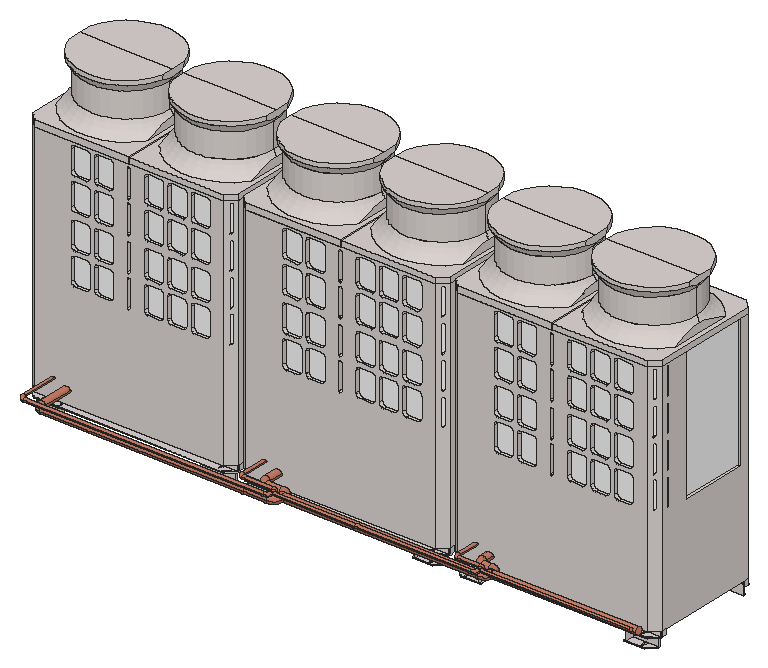
Revit family "PUHY-EP1150YSNW-A1", category 機械設備, Revit 2016 (continued)
Definition of nested family "PUHY-EP400YNW-A1"
  Dimensions and locks
    Extrusion 19 sketch curve to Extrusion 19 sketch curve = 170.800 mm
    Extrusion 20 sketch curve to Extrusion 20 sketch curve = 116.800 mm
    Extrusion 20 sketch curve to Extrusion 20 sketch curve = 170.800 mm
    Extrusion 21 sketch curve to Extrusion 21 sketch curve = 116.800 mm
    Extrusion 21 sketch curve to Extrusion 21 sketch curve = 170.800 mm
    plane 3 "Center (Left/Right)" to cut or joined group 1 (Extrusion 1, Extrusion 2, Extrusion 3, Extrusion 4, Extrusion 5, Extrusion 6, Extrusion 7, Extrusion 8, Extrusion 9, Extrusion 10, Extrusion 11, Extrusion 12, Extrusion 13, Extrusion 14, Extrusion 15, Extrusion 16, Extrusion 17, Extrusion 18, Extrusion 19, Extrusion 20, Extrusion 21, Extrusion 22, Extrusion 23, Extrusion 24, Extrusion 25, Extrusion 26, Extrusion 27, Extrusion 28, Extrusion 29, Extrusion 30, Extrusion 31, Extrusion 32, Extrusion 33) = 620.000 mm
    cut or joined group 1 to plane 3 "Center (Left/Right)" = 620.000 mm
    Extrusion 1 sketch curve to Extrusion 1 sketch curve = 1240.000 mm
    cut or joined group 1 to plane 8 = 185.000 mm
    cut or joined group 1 to plane 7 = 166.000 mm
    cut or joined group 1 to plane 6 = 110.000 mm
    cut or joined group 1 to plane 12 to cut or joined group 1 = 805.000 mm, 621.000 mm
    plane 5 to plane 2 = 1858.000 mm  (x2)
    cut or joined group 1 to plane 19 "132" = 132.000 mm
    cut or joined group 1 to plane 22 = 207.000 mm
    cut or joined group 1 to plane 23 = 256.000 mm
    cut or joined group 1 to plane 6 = 60.000 mm
    cut or joined group 1 to cut or joined group 1 = 42.154 mm
    cut or joined group 1 to cut or joined group 1 = 11.895 mm
    nested 1 to nested 3 to level = 1798.000 mm, 60.000 mm
    nested 1 to nested 1 = 303.000 mm
    nested 1 to nested 3 = 1495.000 mm
    nested 8 to nested 8 to nested 8 to nested 7 to nested 7 to nested 7 = 54.000 mm, 20.000 mm, 592.000 mm, 20.000 mm, 54.000 mm
    nested 3 to nested 3 = 56.000 mm
    plane 11 to plane 31 to plane 32 to cut or joined group 1 = 90.000 mm, 1060.000 mm, 90.000 mm
    curve 103 to nested 7 = 90.000 mm
    curve 104 to nested 7 = 125.000 mm
    curve 101 to nested 7 = 100.000 mm
    curve 11 to curve 13 to nested 7 = 84.000 mm, 71.000 mm
    cut or joined group 1 to curve 12 to curve 14 = 125.000 mm, 148.000 mm
    nested 2 to nested 7 = 1495.000 mm
    curve 87 to cut or joined group 1 = 152.000 mm
    curve 88 to cut or joined group 1 = 172.000 mm
    curve 89 to cut or joined group 1 = 216.000 mm
    cut or joined group 1 to curve 4 to curve 2 = 128.000 mm, 150.000 mm
    cut or joined group 1 to curve 1 to curve 3 = 79.000 mm, 94.000 mm
    Extrusion 32 sketch curve to nested 7 = 116.000 mm
    cut or joined group 1 to Extrusion 32 sketch curve = 160.000 mm
    cut or joined group 1 to Extrusion 33 sketch curve = 243.000 mm
    Extrusion 33 sketch curve to nested 7 = 116.000 mm
    aligned and locked: level to plane 2
    aligned and locked: Extrusion 1 to plane 4
  Nested families
    nested 1: "FAN GUARD" at (-311.5, 2, 860), type "FAN GUARD"
      with WIDTH 870.000 mm
    nested 2: "FAN GUARD" at (311.5, 2, 860) x (-1, 0, 0) z (0, 0, 1), type "FAN GUARD"
      with WIDTH 870.000 mm
    nested 3: "ATTACHMENT LEG" at (-524, -349, 0), type "ATTACHMENT LEG"
    nested 4: "ATTACHMENT LEG" at (-524, 349, 0), type "ATTACHMENT LEG"
    nested 5: "ATTACHMENT LEG" at (524, -349, 0) x (-1, 0, 0) z (0, 0, 1), type "ATTACHMENT LEG"
    nested 6: "ATTACHMENT LEG" at (524, 349, 0) x (-1, 0, 0) z (0, 0, 1), type "ATTACHMENT LEG"
    nested 7: "BASE LEG_L_" at (0, -352, 60), type "BASE LEG_L_"
      with Width 1240.000 mm
    nested 8: "BASE LEG_L_" at (0, 352, 60), type "BASE LEG_L_"
      with Width 1240.000 mm
  Connectors
    piping at (-460, -191, 176), diameter 25.4, driven by "Liquid pipe_radius"
      settings: on cut or joined group 1, index 3, connector inside diameter 25.4 mm, connector length 0.000 mm, flow factor 0, pipe flow 0.0 L/s, pressure drop 0.0 Pa, fitting loss kfactor 0, connector angle 0.00°, fixture units 0, engagement length 0.000 mm, angle of deflection 0.00°, flow configuration 0, flow direction 0, fitting loss method 0, system type 22, joint type 0, gender type 0, connector reference index -1, connector utility 0, adjustable connector no, is connector primary yes, connector description "Refrigerant service valve<Liquid pipe>"
    piping at (-377, -191, 176), diameter 28.58, driven by "Gas pipe_radius"
      settings: on cut or joined group 1, index 4, connector inside diameter 28.58 mm, connector length 0.000 mm, flow factor 0, pipe flow 0.0 L/s, pressure drop 0.0 Pa, fitting loss kfactor 0, connector angle 0.00°, fixture units 0, engagement length 0.000 mm, angle of deflection 0.00°, flow configuration 0, flow direction 0, fitting loss method 0, system type 22, joint type 0, gender type 0, connector reference index -1, connector utility 0, adjustable connector no, is connector primary no, connector description "Refrigerant service valve<Gas>"
    electrical at (0, -370, 808)
      settings: on cut or joined group 1, index 5, voltage 0 V, apparent load 0 VA, apparent load phase1 0 VA, apparent load phase2 0 VA, apparent load phase3 0 VA, power factor 1, load classification none, number of poles 1, system type 30, power factor state 1, is connector primary yes, connector utility no, sub classification motor no, connector description ""
  Definition of nested family "FAN GUARD"
    Parameters
      WIDTH [instance] = 870.000 mm
    Reference planes
      plane 1 "中心(正面/背面)": y = -2
      plane 2: z = 0
      plane 3 "ファンガード基準面": z = 661
      plane 4: y = 368
      plane 5: x = 366
      plane 6: x = -375
      plane 7 "ファンガード基準上面": z = 695
      plane 8 "ファンガード上面": z = 998
      plane 9: x = -273.971
      plane 10: x = 308.5
      plane 11: x = -308.5
      plane 12: x = 0
    Forms (mm)
      Extrusion 1, solid
        sketch origin (85, 0, 661) x (-1, 0, 0) y (0, -1, 0)
          loop
            line (343.5, -368) -> (393.5, -318) -> (393.5, 322) -> (343.5, 372) -> (-223.5, 372) -> (-223.5, -368) -> (343.5, -368)
        from 0 to 34
      Revolve 2, solid
        sketch origin (0, -2, 0) x (1, 0, 0) y (0, 0, 1)
          loop
            line (0, 695) -> (0, 998) -> (-290, 998) -> (-290, 972.327) -> (-260, 928.372) -> (-260, 777.384)
            arc (-260, 777.384) -> (-290.651, 730.137) -> (-334.665, 695) r 175.882
            line (-334.665, 695) -> (0, 695)
          axis (0, 998) -> (0, 695)
        angle from 0 to 360
      Extrusion 3, void
        sketch origin (-840, 75, 695) x (-1, 0, 0) y (0, -1, 0)
          loop
            line (-410, -165) -> (-410, 315) -> (-561.253, 315) -> (-561.253, -165) -> (-410, -165)
        from -35 to 430.592
      Extrusion 4, void
        sketch origin (840, 75, 695) x (1, 0, 0) y (0, 1, 0)
          loop
            line (-410, 165) -> (-561.253, 165) -> (-561.253, -315) -> (-410, -315) -> (-410, 165)
        from 0 to 430.592
    Cuts and joins
      Extrusion 3, Extrusion 4 cuts Revolve 2
      Extrusion 4 cuts Extrusion 1
    Lines and regions (mm)
      model lines
        curve 1: line (-278.747, 0, 998) -> (-80, 0, 998)
        curve 2: line (80, 0, 998) -> (278.747, 0, 998)
        curve 3: circle (0, 0, 998) r 80 normal (0, 0, 1)
        curve 4: line (-278.747, -80, 998) -> (278.747, -80, 998)
        curve 5: line (-241.868, -160, 998) -> (241.868, -160, 998)
        curve 6: line (-162.788, -240, 998) -> (162.788, -240, 998)
        curve 7: line (-278.747, 80, 998) -> (278.747, 80, 998)
        curve 8: line (-241.868, 160, 998) -> (240, 160, 998)
        curve 9: line (-160, 240, 998) -> (162.788, 240, 998)
        curve 10: line (0, 290, 998) -> (0, -290, 998)
        curve 11: line (-20, 289.31, 998) -> (-20, -289.31, 998)
        curve 12: line (-40, 287.228, 998) -> (-40, -287.228, 998)
        curve 13: line (-60, 283.725, 998) -> (-60, -283.725, 998)
        curve 14: line (-80, 278.747, 998) -> (-80, -278.747, 998)
        curve 15: line (20, 289.31, 998) -> (20, -289.31, 998)
        curve 16: line (40, 287.228, 998) -> (40, -287.228, 998)
        curve 17: line (60, 283.725, 998) -> (60, -283.725, 998)
        curve 18: line (80, 278.747, 998) -> (80, -278.747, 998)
        curve 19: line (100, 272.213, 998) -> (100, -272.213, 998)
        curve 20: line (120, 264.008, 998) -> (120, -264.008, 998)
        curve 21: line (140, 253.969, 998) -> (140, -253.969, 998)
        curve 22: line (160, 241.868, 998) -> (160, -243.132, 998)
        curve 23: line (180, 227.376, 998) -> (180, -227.624, 998)
        curve 24: line (200, 210, 998) -> (200, -210, 998)
        curve 25: line (220, 188.944, 998) -> (220, -188.944, 998)
        curve 26: line (240, 160, 998) -> (240, -162.788, 998)
        curve 27: line (260, 128.452, 998) -> (260, -128.452, 998)
        curve 28: line (-100, 272.213, 998) -> (-100, -272.213, 998)
        curve 29: line (-120, 264.008, 998) -> (-120, -264.008, 998)
        curve 30: line (-140, 253.969, 998) -> (-140, -253.969, 998)
        curve 31: line (-160, 240, 998) -> (-160, -241.868, 998)
        curve 32: line (-180, 227.376, 998) -> (-180, -227.376, 998)
        curve 33: line (-200, 210, 998) -> (-200, -210, 998)
        curve 34: line (-220, 188.944, 998) -> (-220, -188.944, 998)
        curve 35: line (-240, 162.788, 998) -> (-240, -162.788, 998)
        curve 36: line (-260, 128.452, 998) -> (-260, -128.452, 998)
        curve 37: line (10, 79.373, 998) -> (10, -79.373, 998)
        curve 38: line (-10, 79.373, 998) -> (-10, -79.373, 998)
        curve 39: line (30, 74.162, 998) -> (30, -74.162, 998)
        curve 40: line (50, 62.45, 998) -> (50, -62.45, 998)
        curve 41: line (70, 38.73, 998) -> (70, -38.73, 998)
        curve 42: line (-30, 74.162, 998) -> (-30, -74.162, 998)
        curve 43: line (-50, 62.45, 998) -> (-50, -62.45, 998)
        curve 44: line (-70, 38.73, 998) -> (-70, -38.73, 998)
    Dimensions and locks
      locked: plane 8 "ファンガード上面" to plane 7 "ファンガード基準上面" at 303
      plane 8 "ファンガード上面" to plane 3 "ファンガード基準面" = 337.000 mm
      Revolve 2 sketch curve to Revolve 2 sketch curve = 290.000 mm
      Extrusion 1 sketch curve to Extrusion 1 sketch curve = 740.000 mm
      equal spacing: Extrusion 1 sketch curve, plane 1 "中心(正面/背面)", Extrusion 1 sketch curve
      plane 6 to plane 5 = 741.000 mm
      Extrusion 1 sketch curve to Extrusion 1 sketch curve = 617.000 mm
      plane 11 to plane 10 = 617.000 mm
      cut or joined group of Extrusion 1, Extrusion 4 to cut or joined group of Extrusion 1, Extrusion 4 = 617.000 mm
      cut or joined group of Extrusion 1, Extrusion 4 to cut or joined group of Extrusion 1, Extrusion 4 = 740.000 mm
      aligned and locked: level to plane 2
      aligned and locked: plane 7 "ファンガード基準上面" to Extrusion 1
      aligned and locked: plane 3 "ファンガード基準面" to Extrusion 1
      aligned and locked: cut or joined group of Revolve 2, Extrusion 3, Extrusion 4 to plane 8 "ファンガード上面"
  Definition of nested family "ATTACHMENT LEG"
    Parameters
      Width = 145.000 mm
    Reference planes
      plane 1: z = 0
      plane 2 "中心(左/右)": x = -6
      plane 3: x = -52
      plane 4: x = 85
      plane 5: x = 93
      plane 6: y = -21
      plane 7: y = 27
      plane 8: x = -30
      plane 9: y = 39
      plane 10: z = 60
      plane 11: z = 57
      plane 12: z = 3
      plane 13: x = 82
      plane 14: y = 36
      plane 15: x = -75
      plane 16: y = 31
      plane 17 "幅": x = 93
      plane 18: y = 2.5
      plane 19: y = 21
      plane 20: y = -10
    Forms (mm)
      Extrusion 1, solid
        sketch origin (0, -1, 0) x (1, 0, 0) y (0, 1, 0)
          loop
            line (-75, 36) -> (-75, 27) -> (-28, -20) -> (93, -20) -> (93, 32) -> (85, 32) -> (85, 36) -> (-75, 36)
        from 0 to 60
      Extrusion 2, void
        sketch origin (0, -3, 0) x (1, 0, 0) y (0, 0, 1)
          loop
            line (-75, 57) -> (-75, 3) -> (82, 3) -> (82, 57) -> (-75, 57)
          loop
            line (93, 57) -> (85, 57) -> (85, 3) -> (93, 3) -> (93, 57)
        from -35 to 18
      Extrusion 3, void
        sketch origin (-6, 5.5, 0) x (1, 0, 0) y (0, 1, 0)
          loop
            arc (-7, -8.5) -> (0, -15.5) -> (7, -8.5) r 7
            line (7, -8.5) -> (7, 8.5)
            arc (7, 8.5) -> (0, 15.5) -> (-7, 8.5) r 7
            line (-7, 8.5) -> (-7, -8.5)
        from 0 to 60
    Cuts and joins
      Extrusion 2, Extrusion 3 cuts Extrusion 1
    Dimensions and locks
      locked: plane 3 to plane 4 at 137
      locked: plane 3 to plane 5 at 145
      plane 6 to plane 7 = 48.000 mm
      locked: plane 10 to level at 60
      Extrusion 3 sketch curve to plane 2 "中心(左/右)" = 7.000 mm
      locked: plane 15 to plane 2 "中心(左/右)" at 69
      locked: plane 15 to plane 8 at 45
      locked: plane 6 to plane 18 at 23.5
      cut or joined group of Extrusion 1, Extrusion 2, Extrusion 3 to cut or joined group of Extrusion 1, Extrusion 2, Extrusion 3 = 168.000 mm
      cut or joined group of Extrusion 1, Extrusion 2, Extrusion 3 to cut or joined group of Extrusion 1, Extrusion 2, Extrusion 3 = 56.000 mm  (x2)
      plane 14 to plane 6 = 57.000 mm
      aligned and locked: level to plane 1
      aligned and locked: Extrusion 1 sketch curve to plane 4
      aligned and locked: Extrusion 1 sketch curve to plane 5
      aligned: plane 8 to Extrusion 1 sketch curve
      aligned and locked: plane 10 to Extrusion 1
      aligned and locked: Extrusion 2 sketch curve to plane 11
      aligned: plane 3 to Extrusion 2 sketch curve
      aligned and locked: plane 12 to Extrusion 2 sketch curve
      aligned and locked: Extrusion 2 sketch curve to plane 13
      aligned and locked: plane 6 to Extrusion 2
      aligned and locked: plane 11 to Extrusion 2 sketch curve
      aligned and locked: plane 5 to Extrusion 2 sketch curve
      aligned and locked: Extrusion 2 sketch curve to plane 12
      aligned and locked: Extrusion 2 sketch curve to plane 4
      aligned and locked: plane 15 to Extrusion 1 sketch curve
      aligned and locked: Extrusion 2 sketch curve to cut or joined group of Extrusion 1, Extrusion 2, Extrusion 3
      aligned and locked: Extrusion 1 to plane 16
  Definition of nested family "BASE LEG_L_"
    Parameters
      Width [instance] = 1240.000 mm
    Reference planes
      plane 1 "中心(正面/背面)": y = 0
      plane 2: z = 0
      plane 3 "中心(左/右)": x = 0
      plane 4: x = 620
      plane 5: x = -620
      plane 6: x = -530
      plane 7: x = 530
      plane 8: y = -18
      plane 9: y = 39
      plane 10: z = 53
      plane 11: y = 42
      plane 12: y = 27
      plane 13: x = 575
      plane 14: x = -575
      plane 15: z = 8
      plane 16: y = 11.5
      plane 17: z = 35
    Forms (mm)
      Extrusion 1, solid
        sketch origin (0, 0, 0) x (0, 1, 0) y (0, 0, 1)
          loop
            line (-18, 0) -> (36, 0) -> (36, 32) -> (56, 32) -> (56, 35) -> (33, 35) -> (33, 3) -> (-18, 3) -> (-18, 0)
        from -620 to 620
      Extrusion 2, void
        sketch origin (0, 0, 0) x (1, 0, 0) y (0, 1, 0)
          loop
            line (575, -18) -> (620, -18) -> (620, 27) -> (575, -18)
          loop
            line (-575, -18) -> (-620, 27) -> (-620, -18) -> (-575, -18)
        from 0 to 250
      Extrusion 3, void
        sketch origin (0, 12.023, 0) x (1, 0, 0) y (0, 1, 0)
          loop
            arc (523, -2.971) -> (530, -9.971) -> (537, -2.971) r 7
            line (537, -2.971) -> (537, 3.023)
            arc (537, 3.023) -> (530, 10.023) -> (523, 3.023) r 7
            line (523, 3.023) -> (523, -2.971)
          loop
            line (-523, -2.971) -> (-523, 3.023)
            arc (-523, 3.023) -> (-530, 10.023) -> (-537, 3.023) r 7
            line (-537, 3.023) -> (-537, -2.971)
            arc (-537, -2.971) -> (-530, -9.971) -> (-523, -2.971) r 7
        from 0 to 250
      Extrusion 4, solid
        sketch origin (0, 0, -3) x (1, 0, 0) y (0, 0, 1)
          loop
            line (617, 8) -> (620, 8) -> (620, 35) -> (617, 35) -> (617, 8)
          loop
            line (-617, 8) -> (-617, 35) -> (-620, 35) -> (-620, 8) -> (-617, 8)
        from -36 to -56
      Extrusion 5, solid
        sketch origin (150, 352, 0) x (1, 0, 0) y (0, 1, 0)
          loop
            line (460, -319) -> (455, -319) -> (455, -320) -> (405, -370) -> (410, -370) -> (460, -320) -> (460, -319)
        from 3 to 35
      Extrusion 6, void
        sketch origin (560, -18, 0) x (0.707107, 0.707107, 0) y (0, 0, 1)
          loop
            line (70.711, 3) -> (-6.741, 39.767) -> (-6.741, 3) -> (70.711, 3)
        from -190.256 to 23.776
      Extrusion 7, solid
        sketch origin (-150, 352, 0) x (-1, 0, 0) y (0, -1, 0)
          loop
            line (460, 319) -> (460, 320) -> (410, 370) -> (405, 370) -> (455, 320) -> (455, 319) -> (460, 319)
        from 3 to 35
      Extrusion 8, void
        sketch origin (-560, -18, 0) x (0.707107, -0.707107, 0) y (0, 0, -1)
          loop
            line (-70.711, -3) -> (0, -35) -> (6.741, -35) -> (6.741, -3) -> (-70.711, -3)
        from -190.256 to 23.776
    Cuts and joins
      Extrusion 2, Extrusion 3 cuts Extrusion 1
      joined: Extrusion 1, Extrusion 4
      Extrusion 8 cuts Extrusion 7
      Extrusion 6 cuts Extrusion 5
    Dimensions and locks
      "Width": plane 5 to plane 4
      equal spacing: plane 5, plane 3 "中心(左/右)", plane 4
      locked: plane 5 to plane 6 at 90
      locked: plane 7 to plane 4 at 90
      locked: plane 8 to plane 9 at 57
      locked: plane 10 to level at 53
      locked: plane 9 to plane 11 at 3
      plane 8 to plane 12 = 45.000 mm
      locked: plane 13 to plane 4 at 45
      locked: plane 5 to plane 14 at 45
      equal spacing: Extrusion 3 sketch curve, plane 7, Extrusion 3 sketch curve
      equal spacing: Extrusion 3 sketch curve, plane 6, Extrusion 3 sketch curve
      locked: plane 10 to plane 15 at 45
      locked: cut or joined group of Extrusion 1, Extrusion 2, Extrusion 3, Extrusion 4 to Extrusion 4 sketch curve at 3  (x2)
      locked: plane 8 to plane 16 at 29.5
      plane 8 to plane 11 = 60.000 mm
      cut or joined group of Extrusion 1, Extrusion 2, Extrusion 3, Extrusion 4 to cut or joined group of Extrusion 1, Extrusion 2, Extrusion 3, Extrusion 4 = 35.000 mm
      aligned and locked: level to plane 2
      aligned and locked: plane 8 to Extrusion 1 sketch curve
      aligned and locked: plane 4 to Extrusion 1
      aligned and locked: Extrusion 1 to plane 5
      aligned and locked: Extrusion 2 sketch curve to plane 4
      aligned and locked: Extrusion 2 sketch curve to plane 8
      aligned and locked: plane 12 to Extrusion 2 sketch curve
      aligned and locked: plane 13 to Extrusion 2 sketch curve
      aligned and locked: plane 4 to Extrusion 4 sketch curve
      aligned and locked: plane 5 to Extrusion 4 sketch curve
      aligned and locked: cut or joined group of Extrusion 7, Extrusion 8 to cut or joined group of Extrusion 1, Extrusion 2, Extrusion 3, Extrusion 4
    Automatic sketch dimensions
      Extrusion 3 sketch curve to plane 1 "中心(正面/背面)" = 9.052 mm  (x2)
      Extrusion 3 sketch curve to plane 7 = 7.000 mm
      Extrusion 3 sketch curve to plane 1 "中心(正面/背面)" = 15.046 mm  (x2)
      Extrusion 3 sketch curve to plane 6 = 7.000 mm
      Extrusion 2 sketch curve to plane 5 = 0.000 mm
      plane 8 to Extrusion 2 sketch curve = 0.000 mm
      Extrusion 2 sketch curve to plane 14 = 0.000 mm
      plane 12 to Extrusion 2 sketch curve = 0.000 mm
      Extrusion 4 sketch curve to plane 10 = 21.000 mm
      plane 7 to Extrusion 5 sketch curve = 25.000 mm
      Extrusion 5 sketch curve to Extrusion 5 sketch curve = 5.000 mm  (x2)
      plane 7 to Extrusion 5 sketch curve = 75.000 mm
      plane 8 to Extrusion 5 sketch curve = 0.000 mm
      Extrusion 5 sketch curve to Extrusion 5 sketch curve = 50.000 mm
      Extrusion 5 sketch curve to Extrusion 5 sketch curve = 0.000 mm
      Extrusion 5 sketch curve to Extrusion 5 sketch curve = 1.000 mm
      Extrusion 6 sketch curve to Extrusion 5 = 0.000 mm  (x2)
      Extrusion 6 sketch curve to Extrusion 5 = 6.741 mm
      Extrusion 6 sketch curve to Extrusion 5 = 4.767 mm
      plane 6 to Extrusion 7 sketch curve = 25.000 mm
      Extrusion 7 sketch curve to Extrusion 7 sketch curve = 5.000 mm  (x2)
      Extrusion 7 sketch curve to Extrusion 7 sketch curve = 45.000 mm
      Extrusion 7 sketch curve to plane 8 = 0.000 mm
      Extrusion 7 sketch curve to Extrusion 7 sketch curve = 50.000 mm
      Extrusion 7 sketch curve to Extrusion 7 sketch curve = 0.000 mm
      Extrusion 7 sketch curve to Extrusion 7 sketch curve = 1.000 mm
      Extrusion 8 sketch curve to Extrusion 7 = 0.000 mm  (x2)
      Extrusion 7 to Extrusion 8 sketch curve = 0.000 mm  (x2)
      Extrusion 7 to Extrusion 8 sketch curve = 6.741 mm
      Extrusion 4 sketch curve to plane 17 = 3.000 mm
      Extrusion 4 sketch curve to plane 15 = 3.000 mm  (x2)
      Extrusion 1 sketch curve to plane 17 = 0.000 mm
      Extrusion 1 sketch curve to level = 0.000 mm
      level to Extrusion 1 sketch curve = 3.000 mm
      plane 9 to Extrusion 1 sketch curve = 6.000 mm
      plane 9 to Extrusion 1 sketch curve = 3.000 mm
      Extrusion 1 sketch curve to plane 17 = 3.000 mm
      Extrusion 1 sketch curve to plane 11 = 14.000 mm
Definition of nested family "PUHY-EP350YNW-A1"
  Parameters
    Model = "PUHY-P350YNW-A"
    URL = "http://www.mitsubishielectric.com/"
    Manufacturer = "Mitsubishi Electric Corporation"
    Liquid pipe_radius = 12.700 mm
    Gas pipe_radius = 14.290 mm
  Reference planes
    plane 1 "Center (Front/Back)": y = 0
    plane 2: z = 0
    plane 3 "Center (Left/Right)": x = 0
    plane 4: y = 370
    plane 5: z = 1858
    plane 6: y = -260
    plane 7: y = -204
    plane 8: y = -185
    plane 9: x = -620
    plane 10: x = 620
    plane 11: x = -620
    plane 12: z = 716
    plane 13: x = -524
    plane 14: z = 669
    plane 15: x = -50.5
    plane 16: x = 51
    plane 17: x = 489
    plane 18: x = 467
    plane 19 "132": x = 488
    plane 20 "100": z = 160
    plane 21: z = 185
    plane 22: x = 413
    plane 23: x = 364
    plane 24: z = 150
    plane 25: x = -287.25
    plane 26: x = -137.25
    plane 27: x = -272.25
    plane 28: y = -278
    plane 29: z = 1509
    plane 30: y = -370
    plane 31: x = -530
    plane 32: x = 530
    plane 33 "179": y = -191
  Forms (mm)
    Extrusion 1, solid
      sketch origin (-1, 0, 113) x (-1, 0, 0) y (0, -1, 0)
        loop
          line (569, -370) -> (619, -320) -> (619, 320) -> (569, 370) -> (-571, 370) -> (-621, 320) -> (-621, -320) -> (-571, -370) -> (569, -370)
      from -18 to 1408
    Extrusion 2, void
      sketch origin (524, -370, 113) x (1, 0, 0) y (0, 0, -1)
        loop
          arc (-60.8, -1393.5) -> (-42.557, -1385.943) -> (-35, -1367.7) r 25.8
          line (-35, -1367.7) -> (-35, -1248.5)
          arc (-35, -1248.5) -> (-42.557, -1230.257) -> (-60.8, -1222.7) r 25.8
          line (-60.8, -1222.7) -> (-126, -1222.7)
          arc (-126, -1222.7) -> (-144.243, -1230.257) -> (-151.8, -1248.5) r 25.8
          line (-151.8, -1248.5) -> (-151.8, -1367.7)
          arc (-151.8, -1367.7) -> (-144.243, -1385.943) -> (-126, -1393.5) r 25.8
          line (-126, -1393.5) -> (-60.8, -1393.5)
      from 0 to 20
    Extrusion 3, void
      sketch origin (524, -370, -81) x (1, 0, 0) y (0, 0, -1)
        loop
          arc (-60.8, -1393.5) -> (-42.557, -1385.943) -> (-35, -1367.7) r 25.8
          line (-35, -1367.7) -> (-35, -1248.5)
          arc (-35, -1248.5) -> (-42.557, -1230.257) -> (-60.8, -1222.7) r 25.8
          line (-60.8, -1222.7) -> (-126, -1222.7)
          arc (-126, -1222.7) -> (-144.243, -1230.257) -> (-151.8, -1248.5) r 25.8
          line (-151.8, -1248.5) -> (-151.8, -1367.7)
          arc (-151.8, -1367.7) -> (-144.243, -1385.943) -> (-126, -1393.5) r 25.8
          line (-126, -1393.5) -> (-60.8, -1393.5)
      from 0 to 20
    Extrusion 4, void
      sketch origin (524, -370, -287) x (1, 0, 0) y (0, 0, -1)
        loop
          arc (-60.8, -1393.5) -> (-42.557, -1385.943) -> (-35, -1367.7) r 25.8
          line (-35, -1367.7) -> (-35, -1248.5)
          arc (-35, -1248.5) -> (-42.557, -1230.257) -> (-60.8, -1222.7) r 25.8
          line (-60.8, -1222.7) -> (-126, -1222.7)
          arc (-126, -1222.7) -> (-144.243, -1230.257) -> (-151.8, -1248.5) r 25.8
          line (-151.8, -1248.5) -> (-151.8, -1367.7)
          arc (-151.8, -1367.7) -> (-144.243, -1385.943) -> (-126, -1393.5) r 25.8
          line (-126, -1393.5) -> (-60.8, -1393.5)
      from 0 to 20
    Extrusion 5, void
      sketch origin (524, -370, -481) x (1, 0, 0) y (0, 0, -1)
        loop
          arc (-60.8, -1393.5) -> (-42.557, -1385.943) -> (-35, -1367.7) r 25.8
          line (-35, -1367.7) -> (-35, -1248.5)
          arc (-35, -1248.5) -> (-42.557, -1230.257) -> (-60.8, -1222.7) r 25.8
          line (-60.8, -1222.7) -> (-126, -1222.7)
          arc (-126, -1222.7) -> (-144.243, -1230.257) -> (-151.8, -1248.5) r 25.8
          line (-151.8, -1248.5) -> (-151.8, -1367.7)
          arc (-151.8, -1367.7) -> (-144.243, -1385.943) -> (-126, -1393.5) r 25.8
          line (-126, -1393.5) -> (-60.8, -1393.5)
      from 0 to 20
    Extrusion 6, void
      sketch origin (384, -370, 113) x (1, 0, 0) y (0, 0, -1)
        loop
          arc (-60.8, -1393.5) -> (-42.557, -1385.943) -> (-35, -1367.7) r 25.8
          line (-35, -1367.7) -> (-35, -1248.5)
          arc (-35, -1248.5) -> (-42.557, -1230.257) -> (-60.8, -1222.7) r 25.8
          line (-60.8, -1222.7) -> (-126, -1222.7)
          arc (-126, -1222.7) -> (-144.243, -1230.257) -> (-151.8, -1248.5) r 25.8
          line (-151.8, -1248.5) -> (-151.8, -1367.7)
          arc (-151.8, -1367.7) -> (-144.243, -1385.943) -> (-126, -1393.5) r 25.8
          line (-126, -1393.5) -> (-60.8, -1393.5)
      from 0 to 20
    Extrusion 7, void
      sketch origin (384, -370, -81) x (1, 0, 0) y (0, 0, -1)
        loop
          arc (-60.8, -1393.5) -> (-42.557, -1385.943) -> (-35, -1367.7) r 25.8
          line (-35, -1367.7) -> (-35, -1248.5)
          arc (-35, -1248.5) -> (-42.557, -1230.257) -> (-60.8, -1222.7) r 25.8
          line (-60.8, -1222.7) -> (-126, -1222.7)
          arc (-126, -1222.7) -> (-144.243, -1230.257) -> (-151.8, -1248.5) r 25.8
          line (-151.8, -1248.5) -> (-151.8, -1367.7)
          arc (-151.8, -1367.7) -> (-144.243, -1385.943) -> (-126, -1393.5) r 25.8
          line (-126, -1393.5) -> (-60.8, -1393.5)
      from 0 to 20
    Extrusion 8, void
      sketch origin (384, -370, -287) x (1, 0, 0) y (0, 0, -1)
        loop
          arc (-60.8, -1393.5) -> (-42.557, -1385.943) -> (-35, -1367.7) r 25.8
          line (-35, -1367.7) -> (-35, -1248.5)
          arc (-35, -1248.5) -> (-42.557, -1230.257) -> (-60.8, -1222.7) r 25.8
          line (-60.8, -1222.7) -> (-126, -1222.7)
          arc (-126, -1222.7) -> (-144.243, -1230.257) -> (-151.8, -1248.5) r 25.8
          line (-151.8, -1248.5) -> (-151.8, -1367.7)
          arc (-151.8, -1367.7) -> (-144.243, -1385.943) -> (-126, -1393.5) r 25.8
          line (-126, -1393.5) -> (-60.8, -1393.5)
      from 0 to 20
    Extrusion 9, void
      sketch origin (384, -370, -481) x (1, 0, 0) y (0, 0, -1)
        loop
          arc (-60.8, -1393.5) -> (-42.557, -1385.943) -> (-35, -1367.7) r 25.8
          line (-35, -1367.7) -> (-35, -1248.5)
          arc (-35, -1248.5) -> (-42.557, -1230.257) -> (-60.8, -1222.7) r 25.8
          line (-60.8, -1222.7) -> (-126, -1222.7)
          arc (-126, -1222.7) -> (-144.243, -1230.257) -> (-151.8, -1248.5) r 25.8
          line (-151.8, -1248.5) -> (-151.8, -1367.7)
          arc (-151.8, -1367.7) -> (-144.243, -1385.943) -> (-126, -1393.5) r 25.8
          line (-126, -1393.5) -> (-60.8, -1393.5)
      from 0 to 20
    Extrusion 10, void
      sketch origin (244, -370, 113) x (1, 0, 0) y (0, 0, -1)
        loop
          arc (-60.8, -1393.5) -> (-42.557, -1385.943) -> (-35, -1367.7) r 25.8
          line (-35, -1367.7) -> (-35, -1248.5)
          arc (-35, -1248.5) -> (-42.557, -1230.257) -> (-60.8, -1222.7) r 25.8
          line (-60.8, -1222.7) -> (-126, -1222.7)
          arc (-126, -1222.7) -> (-144.243, -1230.257) -> (-151.8, -1248.5) r 25.8
          line (-151.8, -1248.5) -> (-151.8, -1367.7)
          arc (-151.8, -1367.7) -> (-144.243, -1385.943) -> (-126, -1393.5) r 25.8
          line (-126, -1393.5) -> (-60.8, -1393.5)
      from 0 to 20
    Extrusion 11, void
      sketch origin (244, -370, -81) x (1, 0, 0) y (0, 0, -1)
        loop
          arc (-60.8, -1393.5) -> (-42.557, -1385.943) -> (-35, -1367.7) r 25.8
          line (-35, -1367.7) -> (-35, -1248.5)
          arc (-35, -1248.5) -> (-42.557, -1230.257) -> (-60.8, -1222.7) r 25.8
          line (-60.8, -1222.7) -> (-126, -1222.7)
          arc (-126, -1222.7) -> (-144.243, -1230.257) -> (-151.8, -1248.5) r 25.8
          line (-151.8, -1248.5) -> (-151.8, -1367.7)
          arc (-151.8, -1367.7) -> (-144.243, -1385.943) -> (-126, -1393.5) r 25.8
          line (-126, -1393.5) -> (-60.8, -1393.5)
      from 0 to 20
    Extrusion 12, void
      sketch origin (244, -370, -287) x (1, 0, 0) y (0, 0, -1)
        loop
          arc (-60.8, -1393.5) -> (-42.557, -1385.943) -> (-35, -1367.7) r 25.8
          line (-35, -1367.7) -> (-35, -1248.5)
          arc (-35, -1248.5) -> (-42.557, -1230.257) -> (-60.8, -1222.7) r 25.8
          line (-60.8, -1222.7) -> (-126, -1222.7)
          arc (-126, -1222.7) -> (-144.243, -1230.257) -> (-151.8, -1248.5) r 25.8
          line (-151.8, -1248.5) -> (-151.8, -1367.7)
          arc (-151.8, -1367.7) -> (-144.243, -1385.943) -> (-126, -1393.5) r 25.8
          line (-126, -1393.5) -> (-60.8, -1393.5)
      from 0 to 20
    Extrusion 13, void
      sketch origin (244, -370, -481) x (1, 0, 0) y (0, 0, -1)
        loop
          arc (-60.8, -1393.5) -> (-42.557, -1385.943) -> (-35, -1367.7) r 25.8
          line (-35, -1367.7) -> (-35, -1248.5)
          arc (-35, -1248.5) -> (-42.557, -1230.257) -> (-60.8, -1222.7) r 25.8
          line (-60.8, -1222.7) -> (-126, -1222.7)
          arc (-126, -1222.7) -> (-144.243, -1230.257) -> (-151.8, -1248.5) r 25.8
          line (-151.8, -1248.5) -> (-151.8, -1367.7)
          arc (-151.8, -1367.7) -> (-144.243, -1385.943) -> (-126, -1393.5) r 25.8
          line (-126, -1393.5) -> (-60.8, -1393.5)
      from 0 to 20
    Extrusion 14, void
      sketch origin (-56, -370, 113) x (1, 0, 0) y (0, 0, -1)
        loop
          arc (-60.8, -1393.5) -> (-42.557, -1385.943) -> (-35, -1367.7) r 25.8
          line (-35, -1367.7) -> (-35, -1248.5)
          arc (-35, -1248.5) -> (-42.557, -1230.257) -> (-60.8, -1222.7) r 25.8
          line (-60.8, -1222.7) -> (-126, -1222.7)
          arc (-126, -1222.7) -> (-144.243, -1230.257) -> (-151.8, -1248.5) r 25.8
          line (-151.8, -1248.5) -> (-151.8, -1367.7)
          arc (-151.8, -1367.7) -> (-144.243, -1385.943) -> (-126, -1393.5) r 25.8
          line (-126, -1393.5) -> (-60.8, -1393.5)
      from 0 to 20
    Extrusion 15, void
      sketch origin (-56, -370, -81) x (1, 0, 0) y (0, 0, -1)
        loop
          arc (-60.8, -1393.5) -> (-42.557, -1385.943) -> (-35, -1367.7) r 25.8
          line (-35, -1367.7) -> (-35, -1248.5)
          arc (-35, -1248.5) -> (-42.557, -1230.257) -> (-60.8, -1222.7) r 25.8
          line (-60.8, -1222.7) -> (-126, -1222.7)
          arc (-126, -1222.7) -> (-144.243, -1230.257) -> (-151.8, -1248.5) r 25.8
          line (-151.8, -1248.5) -> (-151.8, -1367.7)
          arc (-151.8, -1367.7) -> (-144.243, -1385.943) -> (-126, -1393.5) r 25.8
          line (-126, -1393.5) -> (-60.8, -1393.5)
      from 0 to 20
    Extrusion 16, void
      sketch origin (-56, -370, -287) x (1, 0, 0) y (0, 0, -1)
        loop
          arc (-60.8, -1393.5) -> (-42.557, -1385.943) -> (-35, -1367.7) r 25.8
          line (-35, -1367.7) -> (-35, -1248.5)
          arc (-35, -1248.5) -> (-42.557, -1230.257) -> (-60.8, -1222.7) r 25.8
          line (-60.8, -1222.7) -> (-126, -1222.7)
          arc (-126, -1222.7) -> (-144.243, -1230.257) -> (-151.8, -1248.5) r 25.8
          line (-151.8, -1248.5) -> (-151.8, -1367.7)
          arc (-151.8, -1367.7) -> (-144.243, -1385.943) -> (-126, -1393.5) r 25.8
          line (-126, -1393.5) -> (-60.8, -1393.5)
      from 0 to 20
    Extrusion 17, void
      sketch origin (-56, -370, -481) x (1, 0, 0) y (0, 0, -1)
        loop
          arc (-60.8, -1393.5) -> (-42.557, -1385.943) -> (-35, -1367.7) r 25.8
          line (-35, -1367.7) -> (-35, -1248.5)
          arc (-35, -1248.5) -> (-42.557, -1230.257) -> (-60.8, -1222.7) r 25.8
          line (-60.8, -1222.7) -> (-126, -1222.7)
          arc (-126, -1222.7) -> (-144.243, -1230.257) -> (-151.8, -1248.5) r 25.8
          line (-151.8, -1248.5) -> (-151.8, -1367.7)
          arc (-151.8, -1367.7) -> (-144.243, -1385.943) -> (-126, -1393.5) r 25.8
          line (-126, -1393.5) -> (-60.8, -1393.5)
      from 0 to 20
    Extrusion 18, void
      sketch origin (-196, -370, 113) x (1, 0, 0) y (0, 0, -1)
        loop
          arc (-60.8, -1393.5) -> (-42.557, -1385.943) -> (-35, -1367.7) r 25.8
          line (-35, -1367.7) -> (-35, -1248.5)
          arc (-35, -1248.5) -> (-42.557, -1230.257) -> (-60.8, -1222.7) r 25.8
          line (-60.8, -1222.7) -> (-126, -1222.7)
          arc (-126, -1222.7) -> (-144.243, -1230.257) -> (-151.8, -1248.5) r 25.8
          line (-151.8, -1248.5) -> (-151.8, -1367.7)
          arc (-151.8, -1367.7) -> (-144.243, -1385.943) -> (-126, -1393.5) r 25.8
          line (-126, -1393.5) -> (-60.8, -1393.5)
      from 0 to 20
    Extrusion 19, void
      sketch origin (-196, -370, -81) x (1, 0, 0) y (0, 0, -1)
        loop
          arc (-60.8, -1393.5) -> (-42.557, -1385.943) -> (-35, -1367.7) r 25.8
          line (-35, -1367.7) -> (-35, -1248.5)
          arc (-35, -1248.5) -> (-42.557, -1230.257) -> (-60.8, -1222.7) r 25.8
          line (-60.8, -1222.7) -> (-126, -1222.7)
          arc (-126, -1222.7) -> (-144.243, -1230.257) -> (-151.8, -1248.5) r 25.8
          line (-151.8, -1248.5) -> (-151.8, -1367.7)
          arc (-151.8, -1367.7) -> (-144.243, -1385.943) -> (-126, -1393.5) r 25.8
          line (-126, -1393.5) -> (-60.8, -1393.5)
      from 0 to 20
    Extrusion 20, void
      sketch origin (-196, -370, -287) x (1, 0, 0) y (0, 0, -1)
        loop
          arc (-60.8, -1393.5) -> (-42.557, -1385.943) -> (-35, -1367.7) r 25.8
          line (-35, -1367.7) -> (-35, -1248.5)
          arc (-35, -1248.5) -> (-42.557, -1230.257) -> (-60.8, -1222.7) r 25.8
          line (-60.8, -1222.7) -> (-126, -1222.7)
          arc (-126, -1222.7) -> (-144.243, -1230.257) -> (-151.8, -1248.5) r 25.8
          line (-151.8, -1248.5) -> (-151.8, -1367.7)
          arc (-151.8, -1367.7) -> (-144.243, -1385.943) -> (-126, -1393.5) r 25.8
          line (-126, -1393.5) -> (-60.8, -1393.5)
      from 0 to 20
    Extrusion 21, void
      sketch origin (-196, -370, -481) x (1, 0, 0) y (0, 0, -1)
        loop
          arc (-60.8, -1393.5) -> (-42.557, -1385.943) -> (-35, -1367.7) r 25.8
          line (-35, -1367.7) -> (-35, -1248.5)
          arc (-35, -1248.5) -> (-42.557, -1230.257) -> (-60.8, -1222.7) r 25.8
          line (-60.8, -1222.7) -> (-126, -1222.7)
          arc (-126, -1222.7) -> (-144.243, -1230.257) -> (-151.8, -1248.5) r 25.8
          line (-151.8, -1248.5) -> (-151.8, -1367.7)
          arc (-151.8, -1367.7) -> (-144.243, -1385.943) -> (-126, -1393.5) r 25.8
          line (-126, -1393.5) -> (-60.8, -1393.5)
      from 0 to 20
    Extrusion 22, void
      sketch origin (620, 320, 113) x (0, 1, 0) y (0, 0, -1)
        loop
          line (-462.3, -1408) -> (-50.8, -1408) -> (-50.8, -612) -> (-462.3, -612) -> (-462.3, -1408)
      from 0 to 20
    Extrusion 23, void
      sketch origin (-620, -320, 113) x (0, -1, 0) y (0, 0, -1)
        loop
          line (-535.7, -1408) -> (-207.7, -1408) -> (-207.7, -592) -> (-535.7, -592) -> (-535.7, -1408)
      from 0 to 20
    Extrusion 24, void
      sketch origin (194.892, 370, 113) x (-1, 0, 0) y (0, 0, -1)
        loop
          arc (204.892, -1225.013) -> (194.892, -1215.013) -> (184.892, -1225.013) r 10
          line (184.892, -1225.013) -> (184.892, -1379.987)
          arc (184.892, -1379.987) -> (194.892, -1389.987) -> (204.892, -1379.987) r 10
          line (204.892, -1379.987) -> (204.892, -1225.013)
        loop
          arc (204.892, -1031.013) -> (194.892, -1021.013) -> (184.892, -1031.013) r 10
          line (184.892, -1031.013) -> (184.892, -1185.987)
          arc (184.892, -1185.987) -> (194.892, -1195.987) -> (204.892, -1185.987) r 10
          line (204.892, -1185.987) -> (204.892, -1031.013)
        loop
          arc (204.892, -825.013) -> (194.892, -815.013) -> (184.892, -825.013) r 10
          line (184.892, -825.013) -> (184.892, -979.987)
          arc (184.892, -979.987) -> (194.892, -989.987) -> (204.892, -979.987) r 10
          line (204.892, -979.987) -> (204.892, -825.013)
        loop
          arc (204.892, -631.013) -> (194.892, -621.013) -> (184.892, -631.013) r 10
          line (184.892, -631.013) -> (184.892, -785.987)
          arc (184.892, -785.987) -> (194.892, -795.987) -> (204.892, -785.987) r 10
          line (204.892, -785.987) -> (204.892, -631.013)
      from 0 to 20
    Extrusion 25, void
      sketch origin (-570, 370, 113) x (0.707107, 0.707107, 0) y (0, 0, 1)
        loop
          arc (-45.355, 1236) -> (-35.355, 1226) -> (-25.355, 1236) r 10
          line (-25.355, 1236) -> (-25.355, 1386)
          arc (-25.355, 1386) -> (-35.355, 1396) -> (-45.355, 1386) r 10
          line (-45.355, 1386) -> (-45.355, 1236)
        loop
          arc (-45.355, 1036) -> (-35.355, 1026) -> (-25.355, 1036) r 10
          line (-25.355, 1036) -> (-25.355, 1186)
          arc (-25.355, 1186) -> (-35.355, 1196) -> (-45.355, 1186) r 10
          line (-45.355, 1186) -> (-45.355, 1036)
        loop
          arc (-45.355, 836) -> (-35.355, 826) -> (-25.355, 836) r 10
          line (-25.355, 836) -> (-25.355, 986)
          arc (-25.355, 986) -> (-35.355, 996) -> (-45.355, 986) r 10
          line (-45.355, 986) -> (-45.355, 836)
        loop
          arc (-45.355, 641) -> (-35.355, 631) -> (-25.355, 641) r 10
          line (-25.355, 641) -> (-25.355, 791)
          arc (-25.355, 791) -> (-35.355, 801) -> (-45.355, 791) r 10
          line (-45.355, 791) -> (-45.355, 641)
      from 0 to 20
    Extrusion 26, void
      sketch origin (-620, -320, 113) x (0, -1, 0) y (0, 0, -1)
        loop
          line (-607.846, -1035.895) -> (-607.846, -1186.105)
          arc (-607.846, -1186.105) -> (-597.846, -1196.105) -> (-587.846, -1186.105) r 10
          line (-587.846, -1186.105) -> (-587.846, -1035.895)
          arc (-587.846, -1035.895) -> (-597.846, -1025.895) -> (-607.846, -1035.895) r 10
        loop
          line (-607.846, -835.895) -> (-607.846, -986.105)
          arc (-607.846, -986.105) -> (-597.846, -996.105) -> (-587.846, -986.105) r 10
          line (-587.846, -986.105) -> (-587.846, -835.895)
          arc (-587.846, -835.895) -> (-597.846, -825.895) -> (-607.846, -835.895) r 10
        loop
          line (-607.846, -1235.895) -> (-607.846, -1386.105)
          arc (-607.846, -1386.105) -> (-597.846, -1396.105) -> (-587.846, -1386.105) r 10
          line (-587.846, -1386.105) -> (-587.846, -1235.895)
          arc (-587.846, -1235.895) -> (-597.846, -1225.895) -> (-607.846, -1235.895) r 10
        loop
          line (-607.846, -635.895) -> (-607.846, -786.105)
          arc (-607.846, -786.105) -> (-597.846, -796.105) -> (-587.846, -786.105) r 10
          line (-587.846, -786.105) -> (-587.846, -635.895)
          arc (-587.846, -635.895) -> (-597.846, -625.895) -> (-607.846, -635.895) r 10
      from 0 to 20
    Extrusion 27, void
      sketch origin (1079, -370, 113) x (1, 0, 0) y (0, 0, -1)
        loop
          arc (-1089, -1379.975) -> (-1079, -1389.975) -> (-1069, -1379.975) r 10
          line (-1069, -1379.975) -> (-1069, -1225)
          arc (-1069, -1225) -> (-1079, -1215) -> (-1089, -1225) r 10
          line (-1089, -1225) -> (-1089, -1379.975)
        loop
          arc (-1089, -1185.975) -> (-1079, -1195.975) -> (-1069, -1185.975) r 10
          line (-1069, -1185.975) -> (-1069, -1031)
          arc (-1069, -1031) -> (-1079, -1021) -> (-1089, -1031) r 10
          line (-1089, -1031) -> (-1089, -1185.975)
        loop
          arc (-1089, -979.975) -> (-1079, -989.975) -> (-1069, -979.975) r 10
          line (-1069, -979.975) -> (-1069, -825)
          arc (-1069, -825) -> (-1079, -815) -> (-1089, -825) r 10
          line (-1089, -825) -> (-1089, -979.975)
        loop
          arc (-1089, -785.975) -> (-1079, -795.975) -> (-1069, -785.975) r 10
          line (-1069, -785.975) -> (-1069, -631)
          arc (-1069, -631) -> (-1079, -621) -> (-1089, -631) r 10
          line (-1089, -631) -> (-1089, -785.975)
      from 0 to 20
    Extrusion 28, void
      sketch origin (-571, 370, 113) x (-1, 0, 0) y (0, 0, -1)
        loop
          line (-519.5, -1408) -> (-48, -1408) -> (-48, -556) -> (-519.5, -556) -> (-519.5, -1408)
      from 0 to 20
    Extrusion 29, void
      sketch origin (-571, 370, 113) x (-1, 0, 0) y (0, 0, -1)
        loop
          line (-1038, -1408) -> (-622, -1408) -> (-622, -556) -> (-1038, -556) -> (-1038, -1408)
      from 0 to 20
    Extrusion 30, void
      sketch origin (620, 320, 113) x (0, 1, 0) y (0, 0, -1)
        loop
          arc (-588, -1035.791) -> (-598, -1025.791) -> (-608, -1035.791) r 10
          line (-608, -1035.791) -> (-608, -1186)
          arc (-608, -1186) -> (-598, -1196) -> (-588, -1186) r 10
          line (-588, -1186) -> (-588, -1035.791)
        loop
          arc (-588, -835.791) -> (-598, -825.791) -> (-608, -835.791) r 10
          line (-608, -835.791) -> (-608, -986)
          arc (-608, -986) -> (-598, -996) -> (-588, -986) r 10
          line (-588, -986) -> (-588, -835.791)
        loop
          arc (-588, -1235.791) -> (-598, -1225.791) -> (-608, -1235.791) r 10
          line (-608, -1235.791) -> (-608, -1386)
          arc (-608, -1386) -> (-598, -1396) -> (-588, -1386) r 10
          line (-588, -1386) -> (-588, -1235.791)
        loop
          arc (-588, -635.791) -> (-598, -625.791) -> (-608, -635.791) r 10
          line (-608, -635.791) -> (-608, -786)
          arc (-608, -786) -> (-598, -796) -> (-588, -786) r 10
          line (-588, -786) -> (-588, -635.791)
      from 0 to 20
    Extrusion 31, void
      sketch origin (1291.751, 351.751, 113) x (0.707107, 0.707107, 0) y (0, 0, -1)
        loop
          line (-995.311, -1236) -> (-995.311, -1386)
          arc (-995.311, -1386) -> (-985.311, -1396) -> (-975.311, -1386) r 10
          line (-975.311, -1386) -> (-975.311, -1236)
          arc (-975.311, -1236) -> (-985.311, -1226) -> (-995.311, -1236) r 10
        loop
          line (-995.311, -1036) -> (-995.311, -1186)
          arc (-995.311, -1186) -> (-985.311, -1196) -> (-975.311, -1186) r 10
          line (-975.311, -1186) -> (-975.311, -1036)
          arc (-975.311, -1036) -> (-985.311, -1026) -> (-995.311, -1036) r 10
        loop
          line (-995.311, -836) -> (-995.311, -986)
          arc (-995.311, -986) -> (-985.311, -996) -> (-975.311, -986) r 10
          line (-975.311, -986) -> (-975.311, -836)
          arc (-975.311, -836) -> (-985.311, -826) -> (-995.311, -836) r 10
        loop
          line (-995.311, -641) -> (-995.311, -791)
          arc (-995.311, -791) -> (-985.311, -801) -> (-975.311, -791) r 10
          line (-975.311, -791) -> (-975.311, -641)
          arc (-975.311, -641) -> (-985.311, -631) -> (-995.311, -641) r 10
      from 0 to 20
    Extrusion 32, void
      sketch origin (0, -191, 0) x (-1, 0, 0) y (0, 0, 1)
        loop
          circle (460, 176) r 6.35
      from 0 to 78.7
    Extrusion 33, void
      sketch origin (0, -191, 0) x (-1, 0, 0) y (0, 0, 1)
        loop
          circle (377, 176) r 14.29
      from 0 to 78.7
  Cuts and joins
    Extrusion 2, Extrusion 3, Extrusion 4, Extrusion 5, Extrusion 6, Extrusion 7, Extrusion 8, Extrusion 9, Extrusion 10, Extrusion 11, Extrusion 12, Extrusion 13, Extrusion 14, Extrusion 15, Extrusion 16, Extrusion 17, Extrusion 18, Extrusion 19, Extrusion 20, Extrusion 21, Extrusion 22, Extrusion 23, Extrusion 24, Extrusion 25, Extrusion 26, Extrusion 27, Extrusion 28, Extrusion 29, Extrusion 30, Extrusion 31, Extrusion 32, Extrusion 33 cuts Extrusion 1
  Lines and regions (mm)
    model lines
      curve 1: line (-351, -291, 95) -> (-481, -291, 95)
      curve 2: line (-342, -206, 95) -> (-342, -282, 95)
      curve 3: line (-481, -197, 95) -> (-351, -197, 95)
      curve 4: line (-492, -280, 95) -> (-492, -208, 95)
      curve 5: arc (-492, -280, 95) -> (-488.778, -287.778, 95) -> (-481, -291, 95) r 11
      curve 6: arc (-351, -291, 95) -> (-344.636, -288.364, 95) -> (-342, -282, 95) r 9
      curve 7: arc (-342, -206, 95) -> (-344.636, -199.636, 95) -> (-351, -197, 95) r 9
      curve 8: arc (-481, -197, 95) -> (-488.778, -200.222, 95) -> (-492, -208, 95) r 11
      curve 9: line (-30, -370, 1521) -> (-30, -370, 95)
      curve 10: line (30, -370, 1521) -> (30, -370, 95)
      curve 11: line (-485, -370, 215) -> (-357, -370, 215)
      curve 12: line (-495, -370, 141) -> (-495, -370, 205)
      curve 13: line (-357, -370, 131) -> (-485, -370, 131)
